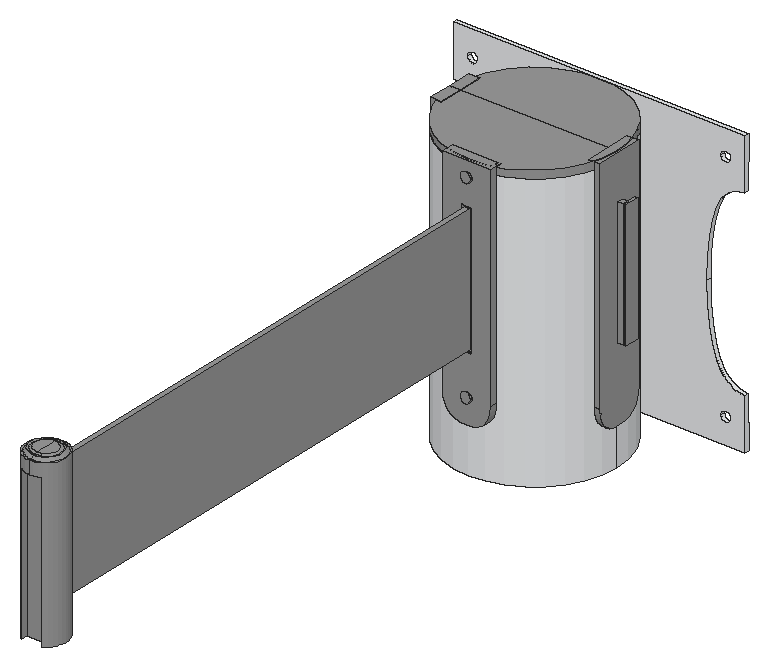
Revit family "DQMG0005_revit", category Generic Models, Revit 2017
Family settings
  Can host rebar = No
  Round Connector Dimension = Use Diameter
  Part Type = Normal
  Work Plane-Based = No
  Always vertical = Yes
  Cut with Voids When Loaded = No
  Shared = No
  Room Calculation Point = No
Parameters
  Website = "https://dolphy.in/"  # constant formula
  Contact number = "+91 9520202035"  # constant formula
  Contact email = "info@dolphy.in"  # constant formula
  Company name = "Dolphy India"  # constant formula
Reference planes
  plane 1 "Center (Front/Back)": y = 0
  plane 2: z = 0
  plane 3 "Center (Left/Right)": x = 0
  plane 4 "A": y = -249
Forms (mm)
  Revolve 1, solid, material "Dolphy_CHROME"
    sketch origin (0, 0, 0) x (1, 0, 0) y (0, 0, 1)
      loop
        line (0, 0) -> (0, 109) -> (-32.5, 109) -> (-32.5, 0) -> (0, 0)
      axis (0, 109) -> (0, 0)
    angle from 0 to 360
  Extrusion 2, solid, material "Black"
    sketch origin (0, 0, 0) x (1, 0, 0) y (0, 0, 1)
      loop
        spline (-9.5, 28) -> (-9.434, 26.483) -> (-9.236, 25.097) -> (-8.906, 23.844) -> (-8.444, 22.722) -> (-7.851, 21.733) -> (-7.125, 20.875) -> (-6.267, 20.149) -> (-5.278, 19.556) -> (-4.156, 19.094) -> (-2.903, 18.764) -> (-1.517, 18.566) -> (0, 18.5)
        spline (0, 18.5) -> (1.517, 18.566) -> (2.903, 18.764) -> (4.156, 19.094) -> (5.278, 19.556) -> (6.267, 20.149) -> (7.125, 20.875) -> (7.851, 21.733) -> (8.444, 22.722) -> (8.906, 23.844) -> (9.236, 25.097) -> (9.434, 26.483) -> (9.5, 28)
        line (9.5, 28) -> (9.5, 112) -> (-9.5, 112) -> (-9.5, 28)
    from 28.36 to 33.5
  Extrusion 3, solid, material "Black"
    sketch origin (0, 0, 0) x (1, 0, 0) y (0, 0, 1)
      loop
        circle (0, 28.245) r 2
      loop
        circle (0, 106.17) r 2
    from 32 to 34
  Extrusion 4, void
    sketch origin (0, 0, 0) x (1, 0, 0) y (0, 0, 1)
      loop
        line (-2, 96) -> (-2, 44) -> (2, 44) -> (2, 96) -> (-2, 96)
    from 24.72 to 35.868
  Extrusion 5, solid, material "Dolphy_CHROME"
    sketch origin (0, 0, 0) x (1, 0, 0) y (0, 0, 1)
      loop
        line (57.5, 112) -> (0, 112) -> (0, 0) -> (57.5, 0) -> (57.5, 20)
        spline (57.5, 20) -> (55.104, 20.25) -> (52.917, 21) -> (50.937, 22.25) -> (49.167, 24) -> (47.604, 26.25) -> (46.25, 29) -> (45.104, 32.25) -> (44.167, 36) -> (43.437, 40.25) -> (42.917, 45) -> (42.604, 50.25) -> (42.5, 56)
        spline (42.5, 56) -> (42.604, 61.75) -> (42.917, 67) -> (43.437, 71.75) -> (44.167, 76) -> (45.104, 79.75) -> (46.25, 83) -> (47.604, 85.75) -> (49.167, 88) -> (50.937, 89.75) -> (52.917, 91) -> (55.104, 91.75) -> (57.5, 92)
        line (57.5, 92) -> (57.5, 112)
    from -33.69 to -32.118
  Extrusion 6, void
    sketch origin (0, 0, 0) x (1, 0, 0) y (0, 0, 1)
      loop
        circle (50, 102) r 2
      loop
        circle (50, 10) r 2
    from -15.475 to -46.604
  Extrusion 7, solid, material "Dolphy_CHROME"
    sketch origin (0, 0, 0) x (-1, 0, 0) y (0, 0, -1)
      loop
        line (57.5, -112) -> (57.5, -92)
        spline (57.5, -92) -> (55.104, -91.75) -> (52.917, -91) -> (50.937, -89.75) -> (49.167, -88) -> (47.604, -85.75) -> (46.25, -83) -> (45.104, -79.75) -> (44.167, -76) -> (43.437, -71.75) -> (42.917, -67) -> (42.604, -61.75) -> (42.5, -56)
        spline (42.5, -56) -> (42.604, -50.25) -> (42.917, -45) -> (43.437, -40.25) -> (44.167, -36) -> (45.104, -32.25) -> (46.25, -29) -> (47.604, -26.25) -> (49.167, -24) -> (50.937, -22.25) -> (52.917, -21) -> (55.104, -20.25) -> (57.5, -20)
        line (57.5, -20) -> (57.5, 0) -> (0, 0) -> (0, -112) -> (57.5, -112)
    from -33.69 to -32.118
  Extrusion 8, void
    sketch origin (0, 0, 0) x (-1, 0, 0) y (0, 0, -1)
      loop
        circle (50, -102) r 2
      loop
        circle (50, -10) r 2
    from -15.475 to -46.604
  Extrusion 9, solid, material "Black"
    sketch origin (0, 0, -3) x (0, 1, 0) y (0, 0, 1)
      loop
        line (9.5, 28) -> (9.5, 112) -> (-9.5, 112) -> (-9.5, 28)
        spline (-9.5, 28) -> (-9.434, 26.483) -> (-9.236, 25.097) -> (-8.906, 23.844) -> (-8.444, 22.722) -> (-7.851, 21.733) -> (-7.125, 20.875) -> (-6.267, 20.149) -> (-5.278, 19.556) -> (-4.156, 19.094) -> (-2.903, 18.764) -> (-1.517, 18.566) -> (0, 18.5)
        spline (0, 18.5) -> (1.517, 18.566) -> (2.903, 18.764) -> (4.156, 19.094) -> (5.278, 19.556) -> (6.267, 20.149) -> (7.125, 20.875) -> (7.851, 21.733) -> (8.444, 22.722) -> (8.906, 23.844) -> (9.236, 25.097) -> (9.434, 26.483) -> (9.5, 28)
    from -27.511 to -33.5
  Extrusion 10, solid, material "Black"
    sketch origin (0, 0, 0) x (0, 1, 0) y (0, 0, 1)
      loop
        line (9.5, 109) -> (9.5, 112) -> (0, 112) -> (-9.5, 112) -> (-9.5, 109) -> (9.5, 109)
    from -33.5 to -29.228
  Extrusion 11, solid, material "Black"
    sketch origin (0, 0, 0) x (0, 1, 0) y (0, 0, 1)
      loop
        line (-4.75, 95) -> (-4.75, 45) -> (4.75, 45) -> (4.75, 95) -> (-4.75, 95)
    from -33.5 to -31.5
  Extrusion 12, solid, material "Black"
    sketch origin (0, 0, 0) x (0, 1, 0) y (0, 0, 1)
      loop
        line (-1, 95) -> (-1, 45) -> (1, 45) -> (1, 95) -> (-1, 95)
    from -36 to -31.5
  Extrusion 13, solid, material "Black"
    sketch origin (0, 0, 0) x (0, 1, 0) y (0, 0, 1)
      loop
        line (4.75, 95) -> (-4.75, 95) -> (-4.75, 45) -> (4.75, 45) -> (4.75, 95)
    from -36 to -37
  Extrusion 14, solid, material "Black"
    sketch origin (0, 0, 0) x (0, 1, 0) y (0, 0, 1)
      loop
        line (-9.5, 112) -> (-9.5, 25)
        spline (-9.5, 25) -> (-9.434, 23.483) -> (-9.236, 22.097) -> (-8.906, 20.844) -> (-8.444, 19.722) -> (-7.851, 18.733) -> (-7.125, 17.875) -> (-6.267, 17.149) -> (-5.278, 16.556) -> (-4.156, 16.094) -> (-2.903, 15.764) -> (-1.517, 15.566) -> (0, 15.5)
        spline (0, 15.5) -> (1.517, 15.566) -> (2.903, 15.764) -> (4.156, 16.094) -> (5.278, 16.556) -> (6.267, 17.149) -> (7.125, 17.875) -> (7.851, 18.733) -> (8.444, 19.722) -> (8.906, 20.844) -> (9.236, 22.097) -> (9.434, 23.483) -> (9.5, 25)
        line (9.5, 25) -> (9.5, 112) -> (-9.5, 112)
    from 29 to 33.5
  Extrusion 15, solid, material "Black"
    sketch origin (0, 0, 0) x (0, 1, 0) y (0, 0, 1)
      loop
        line (-4.75, 95) -> (-4.75, 45) -> (4.75, 45) -> (4.75, 95) -> (-4.75, 95)
    from 32.5 to 33.5
  Extrusion 16, solid, material "Black"
    sketch origin (0, 0, 0) x (0, 1, 0) y (0, 0, 1)
      loop
        line (-1, 95) -> (-1, 45) -> (1, 45) -> (1, 95) -> (-1, 95)
    from 31.5 to 36
  Extrusion 17, solid, material "Black"
    sketch origin (0, 0, 0) x (0, 1, 0) y (0, 0, 1)
      loop
        line (-1, 95) -> (-1, 45) -> (4.75, 45) -> (4.75, 95) -> (-1, 95)
    from 37 to 36
  Extrusion 18, solid, material "Red"
    sketch origin (0, 0, 0) x (1, 0, 0) y (0, 0, 1)
      loop
        line (-1, 95) -> (-1, 45) -> (1, 45) -> (1, 95) -> (-1, 95)
    from 233 to 33
  Revolve 19, solid, material "Black"
    sketch origin (0, 0, 0) x (0, 1, 0) y (0, 0, 1)
      loop
        line (-241, 101.826) -> (-241, 35.5) -> (-233, 35.5) -> (-233, 100.5) -> (-233.8, 100.5) -> (-234.8, 101.5) -> (-235.646, 101.5) -> (-236.542, 101.826) -> (-241, 101.826)
      axis (-241, 101.826) -> (-241, 35.5)
    angle from 0 to 360
  Extrusion 20, void
    sketch origin (0, -249, 0) x (0, 0, 1) y (-1, 0, 0)
      loop
        line (35.5, 4) -> (35.5, 0) -> (35.5, -3.993) -> (95.5, -3.993) -> (95.5, 4) -> (35.5, 4)
    from 20.914 to -3.477
  Revolve 21, solid, material "Black"
    sketch origin (0, 0, 0) x (1, 0, 0) y (0, 0, 1)
      loop
        line (0, 109) -> (0, 112) -> (-32.5, 112) -> (-32.5, 109) -> (0, 109)
      axis (0, 112) -> (0, 109)
    angle from 0 to 360
Cuts and joins
  Extrusion 4 cuts Extrusion 2
  Extrusion 4 cuts Revolve 1
  Extrusion 6, Extrusion 8 cuts Extrusion 5
  Extrusion 8 cuts Extrusion 7
  joined: Extrusion 5, Extrusion 7
  Extrusion 20 cuts Revolve 19
  joined: Extrusion 9, Revolve 21
Dimensions and locks
  Extrusion 18 sketch curve to Extrusion 18 sketch curve = 50 mm
  aligned and locked: level to plane 2
